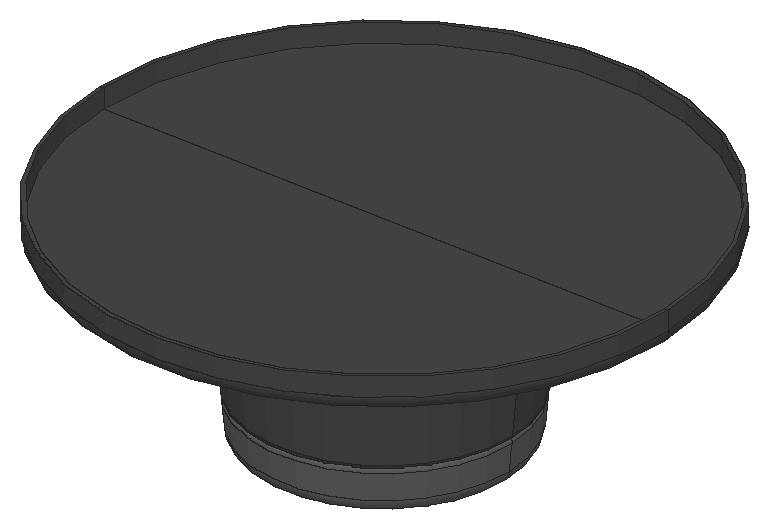
Revit family "revitupgrade", category Furniture, Revit 2025
Family settings
  OmniClass Number = 23.40.70.14.64.11
  OmniClass Title = Office Furniture
  Work Plane-Based = No
  Enable Cutting in Views = No
  Always vertical = Yes
  Cut with Voids When Loaded = No
  Render Appearance Source = Family Geometry
  Shared = No
  Room Calculation Point = No
Parameters (values of type "Table")
  URL = "https://www.steelcase.com/asia-en/products/bar-tables-coffee-tables/poller-coffee-table/"
  Top and Body [instance] = Wendelbo - Metal - Black Laminate
  Style Number(s) = "WBOPOLL2"
  Release Date = "February 2023"  # constant formula
  Manufacturer = "Wendelbo"  # constant formula
  Description = "Inspired by the harbour bollards used to moor vessels, Poller is an office coffee table with the perfect equilibrium between shapes and materials, and with a simple, yet strong graphical silhouette,"  # constant formula
  Default Elevation = 0.00 mm
  Copyright = "© 2010 Steelcase Inc."  # constant formula
  Base [instance] = Wendelbo - Stone - Black Marble
  Assembly Code = "E2020200"
Reference planes
  plane 1 "Center Front/Back": y = 0
  plane 2 "Bottom": z = 0
  plane 3 "Center Left/Right": x = 0
Forms (mm)
  Revolve 1, solid, material "Wendelbo - Stone - Black Marble" <- "Base"
    sketch origin (0, 0, 0) x (1, 0, 0) y (0, 0, 1)
      loop
        line (0, 0) -> (156.408, 0)
        arc (156.408, 0) -> (169.868, 5.207) -> (176.319, 18.118) r 20
        line (176.319, 18.118) -> (179.756, 54.476)
        arc (179.756, 54.476) -> (178.477, 58.312) -> (174.778, 59.947) r 5
        line (174.778, 59.947) -> (0, 59.947) -> (0, 0)
      axis (0, 0) -> (0, 59.947)
    angle from 0 to 360
  Revolve 2, solid, material "Wendelbo - Metal - Black Laminate" <- "Top and Body"
    sketch origin (0, 0, 0) x (1, 0, 0) y (0, 0, 1)
      loop
        line (0, 59.947) -> (175.724, 59.947)
        arc (175.724, 59.947) -> (179.089, 61.248) -> (180.702, 64.476) r 5
        line (180.702, 64.476) -> (188.436, 146.29)
        arc (188.436, 146.29) -> (200.673, 177.305) -> (227.578, 196.999) r 60
        line (227.578, 196.999) -> (386.864, 255.2)
        arc (386.864, 255.2) -> (396.391, 262.524) -> (400, 273.985) r 20
        line (400, 273.985) -> (400, 300.001) -> (395.001, 300.001) -> (395.001, 273.985) -> (0, 273.985) -> (0, 59.947)
      axis (0, 59.947) -> (0, 300.001)
    angle from 0 to 360
Lines and regions (mm)
  Masking region 1
    outline origin (0, 0, 0) x (1, 0, 0) y (0, 1, 0)
      loop
        circle (0, 0) r 400
  symbolic lines, style "Steelcase Furniture"
    curve 1: circle (0, 0, 0) r 395 normal (0, 0, 1)
Dimensions and locks
  aligned and locked: level to plane 2 "Bottom"
Automatic sketch dimensions
  Revolve 1 sketch curve to level = 0.00 mm
  Revolve 1 sketch curve to plane 3 "Center Left/Right" = 0.00 mm  (x2)
  level to Revolve 1 sketch curve = 20.00 mm
  plane 3 "Center Left/Right" to Revolve 1 sketch curve = 156.408 mm
  Revolve 1 sketch curve to Revolve 1 sketch curve = 18.37 mm
  level to Revolve 1 sketch curve = 18.118 mm
  Revolve 1 sketch curve to Revolve 1 sketch curve = 4.978 mm
  Revolve 1 sketch curve to Revolve 1 sketch curve = 0.471 mm
  Revolve 1 sketch curve to Revolve 1 sketch curve = 32.553 mm
  Revolve 1 sketch curve to Revolve 1 sketch curve = 20.00 mm
  Revolve 2 sketch curve to plane 3 "Center Left/Right" = 0.00 mm  (x2)
  level to Revolve 2 sketch curve = 64.947 mm
  plane 3 "Center Left/Right" to Revolve 2 sketch curve = 175.724 mm
  level to Revolve 2 sketch curve = 64.476 mm
  Revolve 2 sketch curve to Revolve 2 sketch curve = 4.978 mm
  Revolve 2 sketch curve to Revolve 2 sketch curve = 7.734 mm
  Revolve 2 sketch curve to Revolve 2 sketch curve = 39.142 mm
  Revolve 2 sketch curve to Revolve 2 sketch curve = 59.734 mm
  Revolve 2 sketch curve to Revolve 2 sketch curve = 152.423 mm
  level to Revolve 2 sketch curve = 255.20 mm
  Revolve 2 sketch curve to Revolve 2 sketch curve = 6.864 mm
  Revolve 2 sketch curve to Revolve 2 sketch curve = 20.00 mm
  Revolve 2 sketch curve to Revolve 2 sketch curve = 76.167 mm
  Revolve 2 sketch curve to Revolve 2 sketch curve = 5.647 mm
  Revolve 2 sketch curve to Revolve 2 sketch curve = 26.015 mm
  Revolve 2 sketch curve to Revolve 2 sketch curve = 5.00 mm
  Revolve 2 sketch curve to Revolve 2 sketch curve = 105.535 mm
  Revolve 2 sketch curve to Revolve 2 sketch curve = 60.00 mm
  Revolve 2 sketch curve to Revolve 2 sketch curve = 26.016 mm
  plane 1 "Center Front/Back" to Masking region 1 sketch curve = 0.00 mm
  Masking region 1 sketch curve to plane 3 "Center Left/Right" = 0.00 mm
  plane 1 "Center Front/Back" to curve 1 = 0.00 mm
  curve 1 to plane 3 "Center Left/Right" = 0.00 mm
  radius of Masking region 1 sketch curve = 400.00 mm
  radius of curve 1 = 395.00 mm
